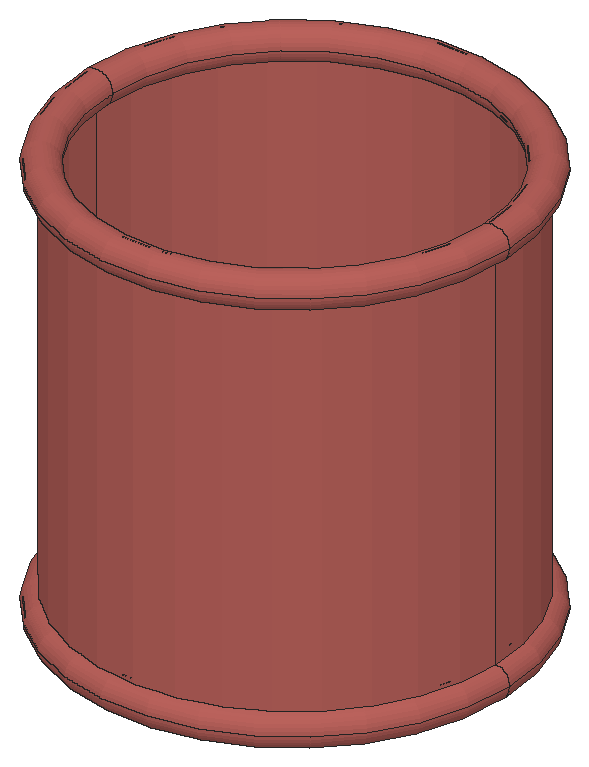
Revit family "product code 61413-F", category Meble, Revit 2021
Family settings
  Numer OmniClass = 23.40.20.00
  Tytuł OmniClass = General Furniture and Specialties
  Oparty na płaszczyźnie roboczej = Nie
  Zawsze pionowo = Tak
  Tnij formami wycięć po wczytaniu = Nie
  Współdzielony = Nie
  Punkt obliczania pomieszczeń = Nie
Parameters (values of type "Sydhavn")
  metal = Kobenhagen RAL 3000
  Width = "45 cm"
  Weight = "20 kg"
  URL = "https://kobenhagen.com/en_US/p/Sydhavn-Small-Plant-Case/244"
  Size = "55 L"
  Product Line = "Sydhavn"
  Product Groups = "Plant Cases"
  Producent = "Lars Laj"
  Keynote = ""
  Opis = "Sydhavn Small Plant Case"
  Model = "61413-F"
  Material = "Powder coated steel"
  Maintenance = "We recommend to examine and tighten all screws and bolt clamps after a few weeks’ use. In order to prevent cracks and to extend the life of the wood, it is recommended that the wood details should be oiled every 3-5 years."
  Lenght = "45 cm"
  Type Comments = ""
  Kobenhagen Materials = "larslaj.com/bim"
  Hosted on larslaj.com = "https://larslaj.com/bim"
  Height = "46 cm"
  Domyślna rzędna = 0 mm
  Copyright = "All designs and drawings are the intellectual property of Lars Laj A/S and are protected by Danish and international copyright laws."
Reference planes
  plane 1: z = 0
  plane 2 "Środek (Lewa/Prawa)": x = 0
  plane 3 "Góra": z = 1062.347
  plane 4 "Środek": y = 257.204
Forms (mm)
  Extrusion 1, solid, material "Kobenhagen RAL 3000" <- "metal", not visible
    sketch origin (0, 0, 0) x (0, 1, 0) y (0, 0, 1)
      loop
        arc (71.187, 451.5) -> (57.045, 445.642) -> (51.187, 431.5) r 20
        line (51.187, 431.5) -> (51.187, 18.231)
        arc (51.187, 18.231) -> (56.527, 5.34) -> (69.418, 0) r 18.231
        line (69.418, 0) -> (153.638, 0) -> (153.638, 15) -> (448.638, 15) -> (448.638, 0) -> (527.023, 0)
        arc (527.023, 0) -> (542.307, 6.331) -> (548.638, 21.615) r 21.615
        line (548.638, 21.615) -> (548.638, 429.407)
        arc (548.638, 429.407) -> (542.168, 445.029) -> (526.545, 451.5) r 22.093
        line (526.545, 451.5) -> (71.187, 451.5)
    from 750.378 to 745
  Extrusion 2, solid, material "Kobenhagen RAL 3000" <- "metal", not visible
    sketch origin (0, 0, 0) x (0, 1, 0) y (0, 0, 1)
      loop
        line (548.638, 396.844) -> (629.375, 854.725) -> (601.836, 859.581)
        arc (601.836, 859.581) -> (585.224, 855.898) -> (576.082, 841.547) r 22.232
        line (576.082, 841.547) -> (507.306, 451.5) -> (526.545, 451.5)
        arc (526.545, 451.5) -> (542.168, 445.029) -> (548.638, 429.407) r 22.093
        line (548.638, 429.407) -> (548.638, 396.844)
    from 745 to 750.378
  Extrusion 3, solid, material "Kobenhagen RAL 3000" <- "metal"
    sketch origin (0, 0, 0) x (1, 0, 0) y (0, 1, 0)
      loop
        circle (0, 257.204) r 212.726
      loop
        circle (0, 257.204) r 210.588
    from 43.725 to 426.325
  Revolve 4, solid, material "Kobenhagen RAL 3000" <- "metal"
    sketch origin (0, 257.204, 0) x (-1, 0, 0) y (0, 0, 1)
      loop
        circle (209.924, 443.402) r 17.072
      loop
        circle (209.924, 443.402) r 15
      axis (0, 443.402) -> (0, 442.402)
    angle from 0 to 360
  Revolve 5, solid, material "Kobenhagen RAL 3000" <- "metal"
    sketch origin (0, 257.204, -415) x (-1, 0, 0) y (0, 0, 1)
      loop
        circle (209.924, 443.402) r 17.072
      loop
        circle (209.924, 443.402) r 15
      axis (0, 443.402) -> (0, 442.402)
    angle from 0 to 360
  Extrusion 6, solid, material "Kobenhagen RAL 3000" <- "metal"
    sketch origin (0, 0, 0) x (1, 0, 0) y (0, 1, 0)
      loop
        line (-31.563, 452.204) -> (-31.563, 62.833) -> (28.437, 62.833) -> (28.437, 452.204) -> (-31.563, 452.204)
    from 30.99 to 15.99
  Extrusion 7, solid, material "Kobenhagen RAL 3000" <- "metal"
    sketch origin (255.956, 259.081, 0) x (0, 1, 0) y (-1, 0, 0)
      loop
        line (-31.563, 452.204) -> (-31.563, 287.518) -> (28.437, 287.518) -> (28.437, 452.204) -> (-31.563, 452.204)
    from 30.99 to 15.99
  Extrusion 8, solid, material "Kobenhagen RAL 3000" <- "metal"
    sketch origin (-255.956, 259.081, 0) x (0, 1, 0) y (-1, 0, 0)
      loop
        line (-31.563, -452.204) -> (28.437, -452.204) -> (28.437, -284.393) -> (-31.563, -284.393) -> (-31.563, -452.204)
    from 30.99 to 15.99
  Extrusion 9, solid, material "Kobenhagen RAL 3000" <- "metal"
    sketch origin (0, 0, 0) x (1, 0, 0) y (0, 1, 0)
      loop
        line (-25.063, 447.865) -> (-25.062, 397.865) -> (24.938, 397.865) -> (24.938, 447.865) -> (-25.063, 447.865)
      loop
        line (-25.063, 66.543) -> (24.937, 66.543) -> (24.937, 116.543) -> (-25.063, 116.543) -> (-25.063, 66.543)
      loop
        line (-190.723, 232.204) -> (-140.723, 232.204) -> (-140.723, 282.204) -> (-190.723, 282.204) -> (-190.723, 232.204)
      loop
        line (190.598, 232.204) -> (190.598, 282.204) -> (140.598, 282.204) -> (140.598, 232.204) -> (190.598, 232.204)
    from 0 to 11.49
  Extrusion 10, solid, material "Kobenhagen RAL 3000" <- "metal"
    sketch origin (0, 0, 0) x (1, 0, 0) y (0, 1, 0)
      loop
        circle (0, 257.204) r 210.588
    from 11.49 to 15.99
Dimensions and locks
  aligned and locked: level to plane 1
